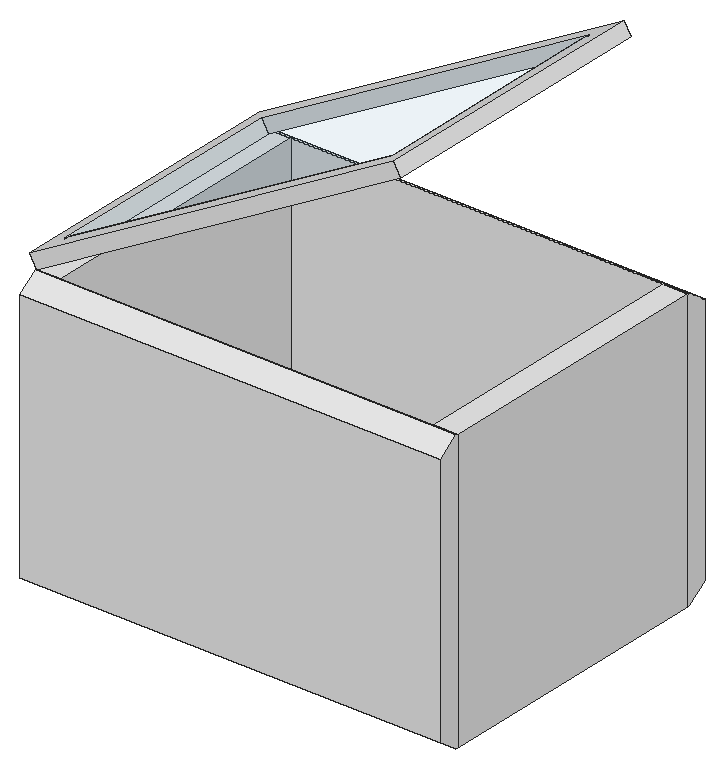
Revit family "Domotics-CablaggioStrutturato-GEWISS-QUADRI_PARETE_19_9U_P400", category Apparecchi elettrici, host Superficie, Revit 2019
Family settings
  Host = Superficie
  Mantenere orientamento annotazione = Sì
  Quota connettore circolare = Usa diametro
  Tipo di parte = Normale
  Taglio con vuoti quando caricato = No
  Condiviso = No
  Punto di calcolo locali = Sì
Parameters (values of type "GW38407 - QUADRO DA PARETE 19 9U P=400MM.")
  simbolo in pianta [instance] = yes
  Visibilità sportello [instance] = yes
  Versione file RFA = "21.2"
  UnitÃ  di cablaggio = "9 U"
  URL = "https://www.gewiss.com/it/it"
  Tipologia porta = "Reversibile"
  Scheda Tecnica = "https://www.gewiss.com/it/it/search?q=GW38407"
  SEO = "Quadro"
  Default Elevation = 1219.2 mm
  ProfonditÃ  (mm) = "400 mm"
  Produttore = "GEWISS S.p.A."
  Portata statica = "50KG"
  Nome quadro [instance] = "n.quadro"
  N. montanti = "2"
  Modello = "GW38407"
  Materiale = "Acciaio"
  Immagine tipo = B.jpg
  IDT = "ea368ef7b3c0440fbd5b55759d12ab1b"
  IDF = "30d53955-7ab3-4fb3-a222-ebd7328e8131"
  Grado di protezione = "IP20"
  Finitura = "Bucciata"
  Distanza_x [instance] = -380.34 mm
  Distanza simbolo [instance] = 0.5 mm
  Distanza effettiva x [instance] = 1000 mm - Distanza_x  # 1380.34 mm
  Dim. esterne BxHxP (mm) = "600x470x400"
  Descrizione = "QUADRO DA PARETE 19 9U P=400MM."
  Creato da GEWISS S.p.A. = ""
  Colore = "Grigio (RAL 7035)"
  Codice Electrocod = "3752"
  Categoria = "Quadro da parete 19\""
  Catalogo = "DOMOTICS"
  COBie.Tagnumber = ""
  COBie.CreatedOn = ""
  COBie.CreatebBy = ""
  COBie.ComponentRegisterItemID = ""
  COBie.Component.TagNumber = ""
  COBie.Component.Space = ""
  COBie.Component.SerialNumber = ""
  COBie.Component.InstallationDate = ""
  COBie.Component.Description = ""
  COBie.Component.BarCode = ""
  Apertura porta = "180°"
  Apertura [instance] = 30.00°
Reference planes
  plane 1 "Centro (Fronte/Retro)": y = 0
  plane 2: z = 0
  plane 3 "Centro (Sinistra/Destra)": x = 0
  plane 4: x = -1380.34
  plane 5: x = 0
Forms (mm)
  Extrusion 1, solid, detail levels coarse
    sketch origin (0, 0, 0) x (1, 0, 0) y (0, 1, 0)
      loop
        line (0, -4.25) -> (600, -4.25) -> (600, 470) -> (0, 470) -> (0, -4.25)
    from 0 to 400
Dimensions and locks
  plane 4 to plane 3 "Centro (Sinistra/Destra)" = 1380.34 mm
  "Distanza effettiva x": plane 4 to plane 5
  aligned and locked: host face to plane 2
  aligned and locked: host face to level
  aligned and locked: nested 1 to plane 5
  aligned and locked: plane 3 "Centro (Sinistra/Destra)" to nested 2
  aligned and locked: plane 1 "Centro (Fronte/Retro)" to nested 2
  aligned and locked: nested 2 to Extrusion 1 sketch curve
  aligned and locked: Extrusion 1 sketch curve to nested 2  (x3)
  aligned and locked: Extrusion 1 to nested 2
Automatic sketch dimensions
  host sketch curve to host sketch curve = 3398.537 mm
  host sketch curve to host sketch curve = 3619.2 mm
Nested families
  nested 1: "DATACENTERsimbolo" at (0, 911.19, 0), Distanza dal muro <- "Distanza simbolo", SIMBOLO ACCESO <- "simbolo in pianta", visible <- "simbolo in pianta", type "3P"
    with SIMBOLO ACCESO yes, Distanza dal muro 0.5 mm
  nested 2: "QUADRO DA PARETE 19 9U P_400MM_base" at (0, 0, 0), Visibilità sportello <- "Visibilità sportello", type "QUADRO DA PARETE 19 9U P_400MM_base", detail levels medium+fine
Definition of nested family "QUADRO DA PARETE 19 9U P_400MM_base"
  Parameters (values of type "QUADRO DA PARETE 19 9U P_400MM_base")
    s = 30.00°
    d_piano = 0 mm
    Visibilità sportello [instance] = yes
    Vetro = none
    Struttura = none
    Sportlello = none
    Profondità quadro = 400 mm  # constant formula
    Larghezza quadro = 600 mm  # constant formula
    Altezza quadro = 470 mm  # constant formula
  Reference planes
    plane 1 "Centro (Fronte/Retro)": y = 0
    plane 2: z = 0
    plane 3 "Centro (Sinistra/Destra)": x = 0
    plane 4: z = 0
    plane 5: z = 26
    plane 6: z = 376
    plane 7: z = 400
    plane 8 "posizione": y = 30
    plane 9: y = 440
    plane 10 "a": y = 470
    plane 11: x = 600
    plane 12: x = 34
    plane 13: x = 566
    plane 14: y = -4.25
    plane 15: y = 474
    plane 16: z = 375.1
    plane 17: z = 345.6
    plane 18: x = 69.137
    plane 19: z = 57.064
    plane 20: z = 555.625
  Forms (mm)
    Extrusion 1, solid, material <- "Struttura"
      sketch origin (0, 0, 0) x (0, 1, 0) y (0, 0, 1)
        loop
          line (30, 400) -> (30, 0) -> (440, 0) -> (440, 400) -> (30, 400)
      from 0 to 34
    Extrusion 2, solid, material <- "Struttura"
      sketch origin (612, 0, 0) x (0, 1, 0) y (0, 0, -1)
        loop
          line (30, -400) -> (440, -400) -> (440, 0) -> (30, 0) -> (30, -400)
      from 12 to 46
    Extrusion 3, solid, material <- "Struttura"
      sketch origin (0, 0, 0) x (0, 1, 0) y (0, 0, 1)
        loop
          line (30, 0) -> (30, 400) -> (27.558, 400) -> (0, 380.704) -> (0, 19.296) -> (27.558, 0) -> (30, 0)
        loop
          line (440, 0) -> (442.442, 0) -> (470, 19.296) -> (470, 380.704) -> (442.442, 400) -> (440, 400) -> (440, 0)
      from 0 to 600
    Extrusion 4, solid, material <- "Struttura"
      sketch origin (0, 0, 0) x (1, 0, 0) y (0, 1, 0)
        loop
          line (34, 440) -> (34, 30) -> (566, 30) -> (566, 440) -> (34, 440)
      from 0 to 26
    Extrusion 5, solid, material <- "Sportlello", visible <- "Visibilità sportello"
      sketch origin (731.334, 0, 822.236) x (-0.866025, 0, -0.5) y (0, -1, 0)
        loop
          line (844.471, -30) -> (244.471, -30) -> (244.471, -440) -> (844.471, -440) -> (844.471, -30)
        loop
          line (274.471, -410) -> (814.471, -410) -> (814.471, -60) -> (274.471, -60) -> (274.471, -410)
      from 0 to 20
    Extrusion 6, solid, material <- "Vetro", visible <- "Visibilità sportello"
      sketch origin (731.334, 0, 822.236) x (-0.866025, 0, -0.5) y (0, -1, 0)
        loop
          line (814.471, -60) -> (274.471, -60) -> (274.471, -410) -> (814.471, -410) -> (814.471, -60)
      from 0 to 20
  Lines and regions (mm)
    reference lines
      curve 1: line (731.334, 0, 822.236) -> (0, 0, 400)
    model lines
      curve 2: line (509.49, 470, 309.807) -> (389.49, 470, 309.807)
      curve 3: line (509.49, 470, 359.807) -> (509.49, 470, 309.807)
      curve 4: line (389.49, 470, 359.807) -> (509.49, 470, 359.807)
      curve 5: line (389.49, 470, 309.807) -> (389.49, 470, 359.807)
      curve 6: line (209.49, 470, 309.807) -> (89.49, 470, 309.807)
      curve 7: line (209.49, 470, 359.807) -> (209.49, 470, 309.807)
      curve 8: line (89.49, 470, 359.807) -> (209.49, 470, 359.807)
      curve 9: line (89.49, 470, 309.807) -> (89.49, 470, 359.807)
      curve 10: circle (299.491, 470, 189.663) r 57.217 normal (0, -1, 0)
  Dimensions and locks
    locked: plane 5 to plane 4 at 26
    locked: plane 7 to plane 6 at 24
    "Profondità quadro": plane 7 to plane 4
    "d_piano": plane 4 to plane 2
    locked: plane 1 "Centro (Fronte/Retro)" to plane 8 "posizione" at 30
    locked: plane 9 to plane 10 "a" at 30
    "Altezza quadro": plane 1 "Centro (Fronte/Retro)" to plane 10 "a"
    "Larghezza quadro": plane 3 "Centro (Sinistra/Destra)" to plane 11
    locked: plane 3 "Centro (Sinistra/Destra)" to plane 12 at 34
    locked: plane 13 to plane 11 at 34
    plane 9 to Extrusion 2 = 410 mm
    locked: plane 14 to plane 1 "Centro (Fronte/Retro)" at 4.25
    locked: plane 10 "a" to plane 15 at 4
    locked: plane 17 to plane 16 at 29.5
    locked: plane 16 to plane 7 at 24.9
    locked: plane 19 to plane 5 at 31.064
    plane 3 "Centro (Sinistra/Destra)" to Extrusion 4 = 566 mm
    locked: Extrusion 5 sketch curve to curve 1 at 30
    "Larghezza quadro": Extrusion 5 sketch curve to Extrusion 5 sketch curve
    locked: Extrusion 5 sketch curve to Extrusion 5 sketch curve at 30  (x4)
    "s": angle plane 7 to curve 1
    aligned and locked: Extrusion 1 sketch curve to plane 7
    aligned and locked: Extrusion 1 sketch curve to plane 4
    aligned and locked: Extrusion 1 sketch curve to plane 8 "posizione"
    aligned and locked: Extrusion 1 sketch curve to plane 9
    aligned and locked: Extrusion 1 to plane 3 "Centro (Sinistra/Destra)"
    aligned and locked: plane 12 to Extrusion 1
    aligned and locked: plane 13 to Extrusion 2
    aligned and locked: Extrusion 2 to plane 11
    aligned and locked: Extrusion 2 to plane 4
    aligned and locked: plane 7 to Extrusion 2
    aligned and locked: Extrusion 3 sketch curve to plane 8 "posizione"
    aligned and locked: Extrusion 3 sketch curve to plane 7
    aligned and locked: Extrusion 3 sketch curve to plane 1 "Centro (Fronte/Retro)"
    aligned and locked: Extrusion 3 sketch curve to plane 10 "a"
    aligned and locked: Extrusion 3 sketch curve to plane 9
    aligned and locked: plane 7 to Extrusion 3 sketch curve
    aligned and locked: Extrusion 3 sketch curve to plane 4
    aligned and locked: Extrusion 3 to plane 3 "Centro (Sinistra/Destra)"
    aligned and locked: Extrusion 3 to plane 11
    aligned and locked: Extrusion 4 sketch curve to plane 12
    aligned and locked: Extrusion 4 sketch curve to plane 9
    aligned and locked: Extrusion 4 sketch curve to plane 8 "posizione"
    aligned and locked: Extrusion 4 sketch curve to plane 13
    aligned and locked: plane 5 to Extrusion 4
    aligned and locked: Extrusion 4 to plane 4
    aligned and locked: curve 1 to Extrusion 3
    aligned and locked: Extrusion 6 sketch curve to Extrusion 5  (x3)
    aligned and locked: Extrusion 5 sketch curve to Extrusion 3
  Automatic sketch dimensions
    plane 7 to Extrusion 2 sketch curve = 0 mm
    Extrusion 2 sketch curve to plane 8 "posizione" = 0 mm
    Extrusion 2 sketch curve to plane 4 = 0 mm
    Extrusion 2 sketch curve to plane 9 = 0 mm
    plane 8 "posizione" to Extrusion 3 sketch curve = 2.442 mm  (x2)
    Extrusion 3 sketch curve to plane 9 = 2.442 mm  (x2)
    Extrusion 3 sketch curve to plane 5 = 6.704 mm  (x2)
    plane 6 to Extrusion 3 sketch curve = 4.704 mm  (x2)
    Extrusion 3 sketch curve to plane 4 = 0 mm
    Extrusion 6 sketch curve to curve 1 = 30 mm
    curve 7 to plane 17 = 14.206 mm
    curve 3 to plane 17 = 14.206 mm
    plane 17 to curve 6 = 35.794 mm
    plane 17 to curve 2 = 35.794 mm
    curve 10 to plane 19 = 132.6 mm
    curve 6 to plane 18 = 20.353 mm
    curve 6 to curve 6 = 120 mm
    curve 6 to curve 10 = 90 mm
    curve 10 to curve 2 = 90 mm
    plane 13 to curve 3 = 56.51 mm
    curve 1 to plane 3 "Centro (Sinistra/Destra)" = 0 mm
    curve 1 to plane 7 = 0 mm
    Extrusion 5 sketch curve to curve 1 = 0 mm
    radius of curve 10 = 57.217 mm
Definition of nested family "DATACENTERsimbolo"
  Parameters (values of type "3P")
    SIMBOLO ACCESO [instance] = yes
    Distanza dal muro [instance] = 0 mm
  Reference planes
    plane 1: y = 0
    plane 2: x = 0
  Dimensions and locks
    "Distanza dal muro": plane 1 to nested 1
    aligned and locked: plane 2 to nested 1
  Nested families
    nested 1: "DATACENTERsimbolo.base" at (0, 0, 0), type "3P"
      with CORNICE SIMBOLO yes
  Definition of nested family "DATACENTERsimbolo.base"
    Parameters (values of type "3P")
      Testo = ""
      CORNICE SIMBOLO [instance] = yes
      3P = yes
    Reference planes
      plane 1: y = 0
      plane 2: x = 0
    Lines and regions (mm)
      detail lines
        curve 1: line (6.852, 3.426, 0) -> (8.859, 3.426, 0)
        curve 2: line (8.859, 3.426, 0) -> (8.859, 0, 0)
        curve 3: line (8.859, 0, 0) -> (6.852, 0, 0)
        curve 4: line (6.852, 0, 0) -> (0, 3.426, 0)
        curve 5: line (0, 3.426, 0) -> (3.027, 3.426, 0)
        curve 6: line (3.027, 3.426, 0) -> (6.852, 3.426, 0)
        curve 7: line (6.852, 3.426, 0) -> (6.852, 0, 0)
        curve 8: line (6.852, 0, 0) -> (0, 0, 0)
        curve 9: line (0, 0, 0) -> (0, 3.426, 0)
        curve 10: line (7.856, 1.713, 0) -> (7.856, 2.67, 0)
        curve 11: line (8.526, 0.756, 0) -> (8.526, 1.713, 0)
        curve 12: line (8.526, 1.713, 0) -> (7.185, 1.713, 0)
        curve 13: line (7.185, 1.713, 0) -> (7.185, 0.756, 0)
    Text (mm)
      label "RJ" at (7.87, 1.29, 0), shows "Testo"
    Nested families
      nested 1: "testo_simb" at (7.89, 1.134, 0), type "3P"
        with SIMBOLO ACCESO yes, Distanza dal muro 0 mm
      nested 2: "testo_simb" at (7.855, 0, 0), type "3P"
        with SIMBOLO ACCESO yes, Distanza dal muro 0 mm
      nested 3: "testo_simb" at (7.855, 0, 0), type "3P"
        with SIMBOLO ACCESO yes, Distanza dal muro 0 mm
      nested 4: "testo_simb" at (7.855, 0, 0), type "3P"
        with SIMBOLO ACCESO yes, Distanza dal muro 0 mm
      nested 5: "testo_simb" at (7.855, 0, 0), type "3P"
        with SIMBOLO ACCESO yes, Distanza dal muro 0 mm
    Definition of nested family "testo_simb"
      Parameters (values of type "3P")
        testo simb = ""
        SIMBOLO ACCESO [instance] = yes
        Distanza dal muro [instance] = 0 mm
      Reference planes
        plane 1: y = 0
        plane 2: x = 0
      Text (mm)
        label "RJ" at (0.02, 0.123, 0), shows "testo simb"
